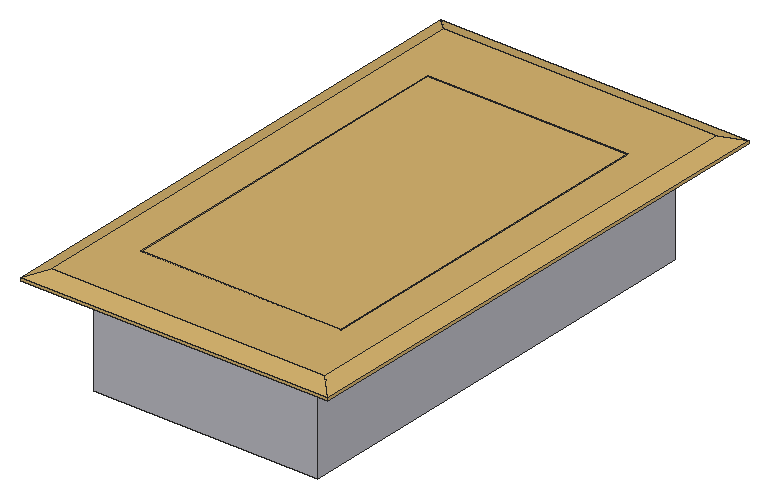
Revit family "Electrical_Equipment-Floor_Box-Hubbell_Wiring-2_Gang_AFB_Shallow-AFB2G25CHI", category Electrical Fixtures, host Face, Revit 2015
Parameters (values of type "AFB2G25CHI")
  URL = "http://www.hubbell-wiring.com/"
  Product data url = "https://bimobject.com/hubbellwiring/product/hubbell-afb2g25"
  Product Page URL = "http://ecatalog.hubbell-wiring.com/productinformation/viewcatalog.aspx?Dest=hubbell-wiring.com/press/catalog/O.pdf"
  Product Documentation Link = "http://www.hubbell-wiring.com/DrawingLibrary.aspx/"
  Model = "AFB2G25CHI"  # constant formula
  Manufacturer = "Hubbell-Wiring"  # constant formula
  Device Plate 2 [instance] = Device Plate : FBMP139 - Simplex / 20A - 1.39" circular opening
  Device Plate 1 [instance] = Device Plate : FBMP139 - Simplex / 20A - 1.39" circular opening
  Description = "2 Gang AFB Floor Box Shallow Without Knockout"  # constant formula
  Default Elevation = 0.00"
  Cover Type [instance] = 2AFBFF : 2GAFBFFCVRBRS - Brass
  Box Material = Metal - Hubbell - Steel
  Assembly Code = "D5020115"
Reference planes (in)
  plane 1 "Center (Front/Back)": y = 0
  plane 2: z = 0
  plane 3 "Center (Left/Right)": x = 0
  plane 4: y = -6.33661
  plane 5: y = 6.33661
  plane 6: x = -3.31
  plane 7: x = 3.31
  plane 8: z = -0.125
  plane 9: z = -2.8189
  plane 10: y = -7.03937
  plane 11: y = 7.03937
  plane 12: x = -2.34646
  plane 13: x = 2.34646
  plane 14: z = -0.02657
  plane 15: z = 0.06299
  plane 16: y = 6.27362
  plane 17: z = 0.06299
  plane 18: y = -6.27362
  plane 19: x = -3.04134
  plane 20: x = 3.04134
  plane 21: y = 5.27953
  plane 22: y = -5.27953
  plane 23: z = -0.07373
  plane 24: y = 6.00591
  plane 25: y = -6.00591
  plane 26: z = -2.3189
  plane 27: x = -3.185
  plane 28: x = 3.185
  plane 29: y = 6.27362
  plane 30: y = -6.27362
Forms (in)
  Extrusion 1, void, detail levels fine
    sketch origin (0, 0, 0) x (1, 0, 0) y (0, 1, 0)
      loop
        line (-3.31, 6.33661) -> (-3.31, -6.33661) -> (3.31, -6.33661) -> (3.31, 6.33661) -> (-3.31, 6.33661)
    from 0 to -2.8189
  Extrusion 2, solid, material "Metal - Hubbell - Steel" <- "Box Material"
    sketch origin (0, 0, 0) x (1, 0, 0) y (0, 1, 0)
      loop
        line (-3.185, 6.33661) -> (-3.185, -6.33661) -> (3.185, -6.33661) -> (3.185, 6.33661) -> (-3.185, 6.33661)
    from -0.125 to -2.8189
  Extrusion 3, solid, material "Metal - Hubbell - Steel" <- "Box Material"
    sketch origin (0, 0, 0) x (1, 0, 0) y (0, 1, 0)
      loop
        line (-3.31, 6.27362) -> (-3.31, -6.27362) -> (3.31, -6.27362) -> (3.31, 6.27362) -> (-3.31, 6.27362)
    from -0.125 to -0.02657
  Extrusion 4, solid, material "Metal - Hubbell - Steel" <- "Box Material"
    sketch origin (0, 0, 0) x (0, 1, 0) y (0, 0, 1)
      loop
        line (7.03937, 0.06299) -> (6.27362, 0.06299) -> (6.27362, -0.125) -> (6.33661, -0.125) -> (6.33661, 0) -> (7.03937, 0) -> (7.03937, 0.06299)
    from -2.34646 to 2.34646
  Extrusion 5, solid, material "Metal - Hubbell - Steel" <- "Box Material"
    sketch origin (0, 0, 0) x (0, -1, 0) y (0, 0, -1)
      loop
        line (7.03937, -0.06299) -> (7.03937, 0) -> (6.33661, 0) -> (6.33661, 0.125) -> (6.27362, 0.125) -> (6.27362, -0.06299) -> (7.03937, -0.06299)
    from -2.34646 to 2.34646
  Extrusion 6, void
    sketch origin (0, 0, 0) x (1, 0, 0) y (0, 1, 0)
      loop
        line (-3.04134, 5.27953) -> (-3.04134, -5.27953) -> (3.04134, -5.27953) -> (3.04134, 5.27953) -> (-3.04134, 5.27953)
    from 0 to -0.07373
  Extrusion 7, void
    sketch origin (0, 0, 0) x (1, 0, 0) y (0, 1, 0)
      loop
        circle (0, 0) r 0.98425
    from 0 to -0.125
  Extrusion 8, void
    sketch origin (-20.33156, -180, -0.125) x (0, -1, 0) y (-1, 0, 0)
      loop
        line (-186.00591, -17.29023) -> (-186.00591, -23.3729) -> (-173.99409, -23.3729) -> (-173.99409, -17.29023) -> (-186.00591, -17.29023)
    from -0.125 to 2.1939
Cuts and joins
  Extrusion 6, Extrusion 7 cuts Extrusion 3
  Extrusion 8 cuts Extrusion 2
Lines and regions (in)
  reference lines
    curve 1: arc (0.98425, 0, 0) -> (0, 0.98425, 0) -> (-0.98425, 0, 0) r 0.98425
    curve 2: arc (-0.98425, 0, 0) -> (0, -0.98425, 0) -> (0.98425, 0, 0) r 0.98425
  symbolic lines
    curve 3: line (-3.31, 0, -0.125) -> (-3.185, 0, -0.125)
    curve 4: line (-3.185, 0, -2.8189) -> (-3.185, 0, -0.125)
    curve 5: line (3.185, 0, -2.8189) -> (-3.185, 0, -2.8189)
    curve 6: line (3.185, 0, -0.125) -> (3.185, 0, -2.8189)
    curve 7: line (0, 6.33661, 0) -> (0, -6.33661, 0)
    curve 8: line (0, 6.33661, -2.8189) -> (0, 6.33661, 0)
    curve 9: line (0, -6.33661, -2.8189) -> (0, 6.33661, -2.8189)
    curve 10: line (0, -6.33661, 0) -> (0, -6.33661, -2.8189)
    curve 11: line (-3.31, 0, -0.125) -> (-3.31, 0, 0)
    curve 12: line (-3.31, 0, 0) -> (3.31, 0, 0)
    curve 13: line (3.31, 0, 0) -> (3.31, 0, -0.125)
    curve 14: line (3.185, 0, -0.125) -> (3.31, 0, -0.125)
Dimensions and locks (in)
  equal spacing: plane 4, plane 1 "Center (Front/Back)", plane 5
  locked: plane 4 to plane 5 at 12.67323
  equal spacing: plane 6, plane 3 "Center (Left/Right)", plane 7
  locked: plane 6 to plane 7 at 6.62
  plane 2 to plane 8 = 0.125"
  locked: plane 2 to plane 9 at 2.8189
  equal spacing: plane 10, plane 1 "Center (Front/Back)", plane 11
  locked: plane 10 to plane 11 at 14.07874
  equal spacing: plane 12, plane 3 "Center (Left/Right)", plane 13
  locked: plane 12 to plane 13 at 4.69291
  locked: plane 14 to plane 8 at 0.09843
  equal spacing: plane 19, plane 3 "Center (Left/Right)", plane 20
  locked: plane 19 to plane 20 at 6.08268
  equal spacing: plane 22, plane 1 "Center (Front/Back)", plane 21
  locked: plane 22 to plane 21 at 10.55906
  locked: plane 2 to plane 23 at 0.07373
  equal spacing: plane 25, plane 1 "Center (Front/Back)", plane 24
  locked: plane 25 to plane 24 at 12.01181
  locked: plane 26 to plane 9 at 0.5
  locked: plane 6 to plane 27 at 0.125
  locked: plane 7 to plane 28 at 0.125
  aligned and locked: plane 2 to host face
  aligned and locked: level to host face
  aligned: level to Extrusion 1
  aligned and locked: host face to Extrusion 1
  aligned and locked: Extrusion 1 to plane 5
  aligned and locked: Extrusion 1 to plane 4
  aligned and locked: plane 6 to Extrusion 1
  aligned and locked: plane 7 to Extrusion 1
  aligned and locked: plane 8 to Extrusion 2
  aligned and locked: Extrusion 2 to plane 9
  aligned and locked: Extrusion 3 to Extrusion 2
  aligned and locked: plane 14 to Extrusion 3
  aligned and locked: plane 5 to Extrusion 4 sketch curve
  aligned and locked: plane 2 to Extrusion 4 sketch curve
  aligned and locked: Extrusion 4 to plane 11
  aligned and locked: plane 15 to Extrusion 4 sketch curve
  aligned and locked: plane 12 to Extrusion 4
  aligned and locked: plane 13 to Extrusion 4
  aligned and locked: Extrusion 5 sketch curve to plane 17
  aligned and locked: Extrusion 5 sketch curve to plane 2
  aligned and locked: Extrusion 5 sketch curve to plane 4
  aligned and locked: Extrusion 5 sketch curve to plane 10
  aligned and locked: Extrusion 5 sketch curve to plane 18
  aligned and locked: Extrusion 1 to Extrusion 2
  aligned and locked: Extrusion 5 sketch curve to plane 8
  aligned and locked: Extrusion 4 to Extrusion 2
  aligned and locked: plane 6 to Extrusion 3
  aligned and locked: plane 7 to Extrusion 3
  aligned and locked: plane 5 to Extrusion 2 sketch curve
  aligned and locked: plane 4 to Extrusion 2 sketch curve
  aligned and locked: plane 12 to Extrusion 5
  aligned and locked: plane 13 to Extrusion 5
  aligned and locked: plane 21 to Extrusion 6 sketch curve
  aligned and locked: plane 22 to Extrusion 6 sketch curve
  aligned and locked: cut or joined group of Extrusion 3, Extrusion 6, Extrusion 7 to plane 23
  aligned and locked: Extrusion 7 to plane 8
  aligned and locked: plane 24 to Extrusion 8 sketch curve
  aligned and locked: Extrusion 8 sketch curve to plane 19
  aligned and locked: plane 25 to Extrusion 8 sketch curve
  aligned and locked: Extrusion 8 sketch curve to plane 20
  aligned and locked: cut or joined group of Extrusion 2, Extrusion 8 to plane 26
  aligned and locked: curve 1 to cut or joined group of Extrusion 3, Extrusion 6, Extrusion 7
  aligned and locked: curve 2 to cut or joined group of Extrusion 3, Extrusion 6, Extrusion 7
  aligned and locked: level to Extrusion 7
  aligned and locked: Extrusion 5 to plane 10
  aligned and locked: plane 9 to curve 5
  aligned and locked: curve 9 to plane 9
  aligned and locked: curve 10 to plane 4
  aligned and locked: Extrusion 2 sketch curve to plane 27
  aligned and locked: Extrusion 2 sketch curve to plane 28
  aligned and locked: curve 4 to plane 27
  aligned and locked: curve 6 to plane 28
  aligned and locked: curve 3 to plane 8
  aligned and locked: curve 12 to plane 2
  aligned and locked: curve 11 to plane 6
  aligned and locked: curve 13 to plane 7
  aligned and locked: Extrusion 6 sketch curve to plane 19
  aligned and locked: Extrusion 6 sketch curve to plane 20
  aligned and locked: plane 3 "Center (Left/Right)" to nested 1
  aligned and locked: plane 1 "Center (Front/Back)" to nested 1
  aligned and locked: plane 29 to Extrusion 4
  aligned and locked: plane 30 to Extrusion 3 sketch curve
  aligned and locked: plane 29 to Extrusion 3 sketch curve
  aligned and locked: plane 2 to Extrusion 6
  aligned and locked: plane 2 to Extrusion 8
Automatic sketch dimensions
  host sketch curve to host sketch curve = 96.00"  (x2)
  Extrusion 1 sketch curve to plane 4 = 0.00"
  Extrusion 1 sketch curve to plane 6 = 0.00"
  Extrusion 1 sketch curve to plane 7 = 0.00"
  plane 5 to Extrusion 1 sketch curve = 0.00"
  Extrusion 4 sketch curve to plane 16 = 0.00"
  Extrusion 4 sketch curve to plane 11 = 0.00"
  Extrusion 4 sketch curve to plane 8 = 0.00"
  plane 1 "Center (Front/Back)" to Extrusion 7 sketch curve = 0.00"
  Extrusion 7 sketch curve to plane 3 "Center (Left/Right)" = 0.00"
  curve 1 to curve 2 = 0.00"  (x2)
  plane 1 "Center (Front/Back)" to curve 2 = 0.00"
  curve 2 to plane 3 "Center (Left/Right)" = 0.00"
  curve 1 to curve 1 = 0.98425"
  curve 14 to plane 8 = 0.00"
  curve 9 to plane 5 = 0.00"
  curve 8 to level = 0.00"
  Extrusion 3 sketch curve to plane 6 = 0.00"
  Extrusion 3 sketch curve to plane 7 = 0.00"
  radius of Extrusion 7 sketch curve = 0.98425"
Nested families (in)
  nested 1: "2AFBFF" at (0, 0, 0.06299), type <- "Cover Type", type "2GAFBFFCVRBRS - Brass"
Definition of nested family "2AFBFF"
  Parameters
    URL = "http://www.hubbell-wiring.com/"
    Product Page URL = ""
    Product Documentation Link = ""
    Model = "2GAFBFFCVRALU"
    Manufacturer = "Hubbell-Wiring"  # constant formula
    Description = "2 Gang Furniture Feed AFB"  # constant formula
    Default Elevation = 0.00"
    Cover Material = none
    Assembly Code = "D5020115"
  Reference planes (in)
    plane 1 "Center (Front/Back)": y = 0
    plane 2: z = 0
    plane 3 "Center (Left/Right)": x = 0
    plane 4: x = -2.84
    plane 5: x = 2.84
    plane 6: y = 5.08
    plane 7: y = -5.08
    plane 8: z = 0.24
    plane 9: x = 4.37
    plane 10: x = -4.37
    plane 11: y = 7.46
    plane 12: y = -7.46
    plane 13: x = -2.715
    plane 14: x = 2.715
    plane 15: y = 4.955
    plane 16: y = -4.955
    plane 17: z = -0.25
    plane 18: x = -3.87
    plane 19: x = 3.87
    plane 20: y = 6.96
    plane 21: y = -6.96
  Forms (in)
    Extrusion 1, solid
      sketch origin (0, 0, 0) x (1, 0, 0) y (0, 1, 0)
        loop
          line (-48, 48) -> (-48, -48) -> (48, -48) -> (48, 48) -> (-48, 48)
      from 0 to -12
    Extrusion 2, solid, material <- "Cover Material"
      sketch origin (0, 0, 0) x (1, 0, 0) y (0, 1, 0)
        loop
          line (-2.84, 5.08) -> (-2.84, -5.08) -> (2.84, -5.08) -> (2.84, 5.08) -> (-2.84, 5.08)
      from 0 to 0.24
    Extrusion 3, solid, material <- "Cover Material"
      sketch origin (0, 0, 0) x (1, 0, 0) y (0, 1, 0)
        loop
          line (-2.84, 5.08) -> (-2.84, -5.08) -> (2.84, -5.08) -> (2.84, 5.08) -> (-2.84, 5.08)
        loop
          line (-3.87, 6.96) -> (-3.87, -6.96) -> (3.87, -6.96) -> (3.87, 6.96) -> (-3.87, 6.96)
      from 0 to 0.24
    Extrusion 4, solid, material <- "Cover Material"
      sketch origin (0, 0, 0) x (1, 0, 0) y (0, 1, 0)
        loop
          line (-2.84, 5.08) -> (-2.84, -5.08) -> (2.84, -5.08) -> (2.84, 5.08) -> (-2.84, 5.08)
        loop
          line (-2.715, 4.955) -> (-2.715, -4.955) -> (2.715, -4.955) -> (2.715, 4.955) -> (-2.715, 4.955)
      from 0 to -0.25
    Sweep 5, solid, material <- "Cover Material"
      path origin (0, 0, 0) x (1, 0, 0) y (0, 1, 0)
        loop
          line (-4.37, 7.46) -> (-4.37, -7.46) -> (4.37, -7.46) -> (4.37, 7.46) -> (-4.37, 7.46)
      profile origin (-4.37, 0, 0) x (-1, 0, 0) y (0, 0, 1)
        loop
          line (0, 0) -> (0, 0.07409) -> (-0.5, 0.24) -> (-0.5, 0) -> (0, 0)
  Cuts and joins
    joined: Extrusion 3, Sweep 5
  Lines and regions (in)
    reference lines
      curve 1: circle (0, 1.33324, 0) r 1 normal (0, 0, 1)
      curve 2: line (-0.99875, 1.38324, 0) -> (0.99875, 1.38324, 0)
      curve 3: line (-0.99875, 1.28324, 0) -> (0.99875, 1.28324, 0)
      curve 4: circle (0, -2.40315, 0) r 0.5 normal (0, 0, 1)
      curve 5: circle (0, -2.40315, 0) r 0.375 normal (0, 0, 1)
      curve 11: line (0.18688, -2.07803, 0) -> (-0.25159, -2.68123, 0)
      curve 12: line (0.25159, -2.12507, 0) -> (-0.18688, -2.72827, 0)
      curve 44: line (-3.47385, 0, 0.37145) -> (-4.78257, 0, -0.06281)
      curve 46: line (4.53037, 0, 0.02087) -> (3.55522, 0, 0.34445)
      curve 48: line (0, 7.61385, 0.02304) -> (0, 6.68504, 0.33124)
      curve 49: line (0, -6.68682, 0.33065) -> (0, -7.61458, 0.02279)
    model lines, detail levels medium+fine
      curve 6: circle (0, 1.33324, 0.24) r 1 normal (0, 0, 1)
      curve 7: line (-0.99875, 1.38324, 0.24) -> (0.99875, 1.38324, 0.24)
      curve 8: line (-0.99875, 1.28324, 0.24) -> (0.99875, 1.28324, 0.24)
      curve 9: circle (0, -2.40315, 0.24) r 0.5 normal (0, 0, 1)
      curve 10: circle (0, -2.40315, 0.24) r 0.375 normal (0, 0, 1)
      curve 13: line (0.18688, -2.07803, 0.24) -> (-0.25159, -2.68123, 0.24)
      curve 14: line (0.25159, -2.12507, 0.24) -> (-0.18688, -2.72827, 0.24)
    symbolic lines
      curve 15: line (-4.37, 7.46, 0) -> (4.37, 7.46, 0)
      curve 16: line (-4.37, -7.46, 0) -> (-4.37, 7.46, 0)
      curve 17: line (4.37, -7.46, 0) -> (-4.37, -7.46, 0)
      curve 18: line (4.37, 7.46, 0) -> (4.37, -7.46, 0)
      curve 30: line (-3.87, 0, 0.24) -> (3.87, 0, 0.24)
      curve 31: line (-4.37, 0, 0) -> (-4.37, 0, 0.07409)
      curve 32: line (4.37, 0, 0) -> (-4.37, 0, 0)
      curve 33: line (4.37, 0, 0.07409) -> (4.37, 0, 0)
      curve 34: line (2.84, 0, -0.25) -> (-2.84, 0, -0.25)
      curve 35: line (2.84, 0, 0) -> (2.84, 0, -0.25)
      curve 36: line (-2.84, 0, -0.25) -> (-2.84, 0, 0)
      curve 37: line (0, 6.96, 0.24) -> (0, -6.96, 0.24)
      curve 38: line (0, 7.46, 0) -> (0, 7.46, 0.07409)
      curve 39: line (0, -7.46, 0) -> (0, 7.46, 0)
      curve 40: line (0, -7.46, 0.07409) -> (0, -7.46, 0)
      curve 41: line (0, 5.08, -0.25) -> (0, 5.08, 0)
      curve 42: line (0, -5.08, -0.25) -> (0, 5.08, -0.25)
      curve 43: line (0, -5.08, 0) -> (0, -5.08, -0.25)
      curve 45: line (-3.87, 0, 0.24) -> (-4.37, 0, 0.07409)
      curve 47: line (4.37, 0, 0.07409) -> (3.87, 0, 0.24)
      curve 50: line (0, -6.96, 0.24) -> (0, -7.46, 0.07409)
      curve 51: line (0, 7.46, 0.07409) -> (0, 6.96, 0.24)
    symbolic lines, detail levels medium+fine
      curve 19: line (-2.84, 5.08, 0) -> (2.84, 5.08, 0)
      curve 20: line (-2.84, -5.08, 0) -> (-2.84, 5.08, 0)
      curve 21: line (2.84, -5.08, 0) -> (-2.84, -5.08, 0)
      curve 22: line (2.84, 5.08, 0) -> (2.84, -5.08, 0)
      curve 23: circle (0, 1.33324, 0) r 1 normal (0, 0, 1)
      curve 24: line (-0.99875, 1.28324, 0) -> (0.99875, 1.28324, 0)
      curve 25: line (-0.99875, 1.38324, 0) -> (0.99875, 1.38324, 0)
      curve 26: circle (0, -2.40315, 0) r 0.5 normal (0, 0, 1)
      curve 27: circle (0, -2.40315, 0) r 0.375 normal (0, 0, 1)
      curve 28: line (0.25159, -2.12507, 0) -> (-0.18688, -2.72827, 0)
      curve 29: line (0.18688, -2.07803, 0) -> (-0.25159, -2.68123, 0)
  Dimensions and locks (in)
    equal spacing: plane 4, plane 3 "Center (Left/Right)", plane 5
    locked: plane 4 to plane 5 at 5.68
    equal spacing: plane 7, plane 1 "Center (Front/Back)", plane 6
    locked: plane 7 to plane 6 at 10.16
    locked: plane 8 to plane 2 at 0.24
    equal spacing: plane 10, plane 3 "Center (Left/Right)", plane 9
    locked: plane 10 to plane 9 at 8.74
    equal spacing: plane 12, plane 1 "Center (Front/Back)", plane 11
    locked: plane 11 to plane 12 at 14.92
    locked: plane 4 to plane 13 at 0.125
    locked: plane 14 to plane 5 at 0.125
    locked: plane 15 to plane 6 at 0.125
    locked: plane 16 to plane 7 at 0.125
    locked: plane 2 to plane 17 at 0.25
    locked: plane 10 to plane 18 at 0.5
    locked: plane 19 to plane 9 at 0.5
    locked: plane 20 to plane 11 at 0.5
    locked: plane 21 to plane 12 at 0.5
    aligned and locked: plane 2 to Extrusion 1
    aligned and locked: level to Extrusion 1
    aligned and locked: plane 6 to Extrusion 2 sketch curve
    aligned and locked: Extrusion 2 sketch curve to plane 4
    aligned and locked: plane 7 to Extrusion 2 sketch curve
    aligned and locked: Extrusion 2 sketch curve to plane 5
    aligned and locked: plane 8 to Extrusion 2
    aligned and locked: Extrusion 3 sketch curve to Extrusion 2  (x4)
    aligned and locked: plane 8 to Extrusion 3
    aligned and locked: Extrusion 3 to plane 2
    aligned and locked: Extrusion 2 to plane 2
    aligned and locked: Extrusion 4 sketch curve to Extrusion 2  (x4)
    aligned and locked: plane 15 to Extrusion 4 sketch curve
    aligned and locked: Extrusion 4 sketch curve to plane 13
    aligned and locked: plane 16 to Extrusion 4 sketch curve
    aligned and locked: Extrusion 4 sketch curve to plane 14
    aligned and locked: Extrusion 4 to plane 17
    aligned and locked: plane 2 to Extrusion 4
    aligned and locked: curve 6 to curve 1
    aligned and locked: curve 2 to curve 7
    aligned and locked: curve 3 to curve 8
    aligned and locked: curve 9 to curve 4
    aligned and locked: curve 10 to curve 5
    aligned and locked: curve 13 to curve 11
    aligned and locked: curve 14 to curve 12
    aligned and locked: plane 11 to curve 15
    aligned and locked: curve 16 to plane 10
    aligned and locked: plane 12 to curve 17
    aligned and locked: curve 18 to plane 9
    aligned and locked: curve 19 to Extrusion 2
    aligned and locked: curve 20 to Extrusion 2
    aligned and locked: curve 21 to Extrusion 2
    aligned and locked: curve 22 to Extrusion 2
    aligned and locked: curve 23 to curve 6
    aligned and locked: curve 24 to curve 8
    aligned and locked: curve 25 to curve 7
    aligned and locked: curve 26 to curve 9
    aligned and locked: curve 27 to curve 10
    aligned and locked: curve 28 to curve 14
    aligned and locked: curve 29 to curve 13
    aligned and locked: curve 35 to Extrusion 4
    aligned and locked: curve 41 to Extrusion 4
    aligned and locked: curve 42 to Extrusion 4
    aligned and locked: Extrusion 4 to curve 43
    aligned and locked: plane 20 to Extrusion 3 sketch curve
    aligned and locked: Extrusion 3 sketch curve to plane 19
    aligned and locked: plane 21 to Extrusion 3 sketch curve
    aligned and locked: Extrusion 3 sketch curve to plane 18
    aligned and locked: plane 2 to Sweep 5 sketch curve
    aligned and locked: Sweep 5 sketch curve to plane 10
    aligned and locked: plane 18 to Sweep 5 sketch curve
    aligned and locked: Sweep 5 sketch curve to curve 44
    aligned and locked: curve 30 to plane 8
    aligned and locked: curve 36 to plane 4
    aligned and locked: plane 17 to curve 34
    aligned and locked: curve 31 to plane 10
    aligned and locked: curve 33 to plane 9
    aligned and locked: curve 44 to curve 45
    aligned and locked: curve 46 to curve 47
    aligned and locked: curve 49 to curve 50
    aligned and locked: curve 48 to curve 51
    aligned and locked: plane 11 to curve 38
    aligned and locked: curve 37 to plane 8
    aligned and locked: plane 2 to curve 39
    aligned and locked: plane 12 to curve 40
  Automatic sketch dimensions
    Extrusion 1 sketch curve to Extrusion 1 sketch curve = 96.00"  (x2)
    curve 4 to curve 5 = 0.00"  (x2)
    curve 4 to plane 3 "Center (Left/Right)" = 0.00"
    curve 1 to plane 3 "Center (Left/Right)" = 0.00"
    curve 3 to plane 3 "Center (Left/Right)" = 0.99875"
    curve 2 to curve 3 = 0.00"
    curve 11 to curve 12 = 0.06471"  (x2)
    curve 3 to plane 1 "Center (Front/Back)" = 1.28324"
    curve 3 to curve 1 = 0.05"
    curve 11 to plane 3 "Center (Left/Right)" = 0.25159"
    plane 3 "Center (Left/Right)" to curve 11 = 0.18688"
    plane 1 "Center (Front/Back)" to curve 11 = 2.07803"
    curve 12 to curve 11 = 0.04704"
    Sweep 5 sketch curve to plane 9 = 0.00"
    plane 11 to Sweep 5 sketch curve = 0.00"
    Sweep 5 sketch curve to plane 10 = 0.00"
    Sweep 5 sketch curve to plane 12 = 0.00"
    curve 44 to level = 0.06281"
    plane 10 to curve 44 = 0.41257"
    plane 8 to curve 44 = 0.13145"
    curve 44 to plane 18 = 0.39615"
    plane 8 to curve 46 = 0.10445"
    curve 46 to plane 19 = 0.31478"
    level to curve 46 = 0.02087"
    plane 9 to curve 46 = 0.16037"
    curve 32 to level = 0.00"
    level to curve 49 = 0.02279"
    curve 49 to plane 12 = 0.15458"
    plane 8 to curve 49 = 0.09065"
    plane 21 to curve 49 = 0.27318"
    plane 8 to curve 48 = 0.09124"
    plane 20 to curve 48 = 0.27496"
    level to curve 48 = 0.02304"
    curve 48 to plane 11 = 0.15385"
    radius of curve 4 = 0.50"
